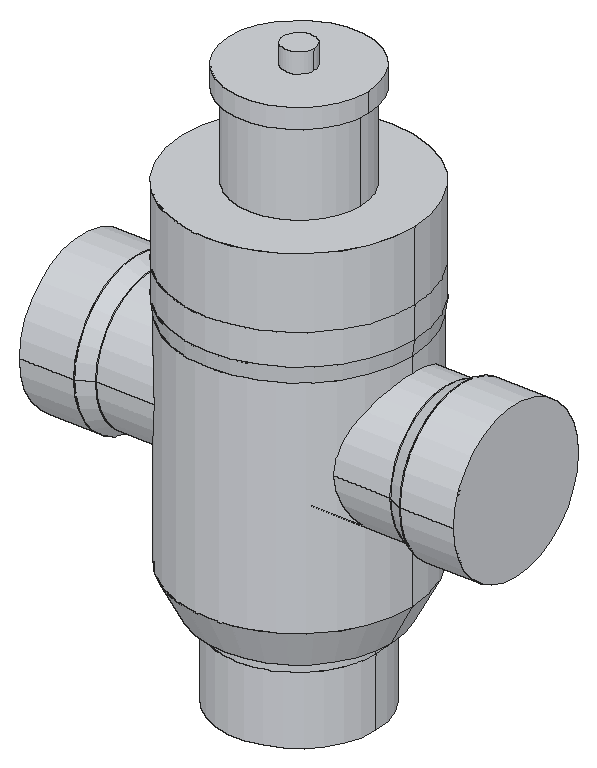
Revit family "VMX21P_DN20_PN16_RFA_2018", category Pipe Accessories, Revit 2018
Family settings
  Round Connector Dimension = Use Diameter
  Part Type = Valve - Breaks Into
  Work Plane-Based = No
  Always vertical = Yes
  Cut with Voids When Loaded = No
  Shared = No
Parameters (values of type "VMX21P G3/4  PN16 kvs2,5")
  magiProductId = ""
  magiProductFamilyId = ""
  magiPartTypeId = 320
  isMeasuringValve [instance] = no
  ang2D [instance] = 0.00°
  Z9 = 8.8 mm
  Z8 = 4 mm
  Z7__ve = -Z7  # -2.5 mm
  Z7 = 2.5 mm
  Z6 = 8.45 mm
  Z5 = 9.1 mm
  Z3 = 2 mm
  Z2 = 6.8 mm
  Z1 = 5.1 mm
  X4__ve = -X4  # -7 mm
  X4 = 7 mm
  X3 = 38 mm
  X1 = 5.6 mm
  W2D = 20 mm
  VersionID = ""
  Use Minimum Symbol Size [instance] = no
  URL = "www.hydronix.cz"
  Type Comments = "Závitový, vnější závit, ploché těsnění; LIN charakteristika; PN16; +5~+95°C; max.rychlost proudění 3,0 m/s"
  TL = 56 mm
  R9 = 9 mm
  R8 = 2 mm
  R7 = 15 mm
  R6 = 12 mm
  R5 = 11.29 mm
  R4 = 9.408 mm
  R3 = 10 mm
  R2 = 14.7 mm
  R10 = 8 mm
  R1 = 9 mm
  QmdConnectorList = "301;D;302;D;303;D"
  Productdata [instance] = ""
  Manufacturer = "Hydronix"
  MT = 1
  MC Product Code = "VMX21P (G3/4\"; dpmax=150kPa; kvs 2,5)"
  MC = yes
  LT2 = 21 mm
  L2D_Min = 30.48 mm
  L2D = 42 mm
  L = 42 mm
  H1 = 29 mm
  H = 26 mm
  E = 16 mm
  Description = "3 cestný regulační ventil malých spotřebičů, DN20; zdvih 2,5mm; max dp 150kPa; kvs2,5"
  DT2 = 10 mm
  D = 20 mm
  CS = no
  CAT0 = yes
  CAT = no
  C = 34 mm
  Assembly Code = ""
Types (8, lengths in mm): name | Z9 | Z6 | Z5 | Z2 | Z1 | X3 | X1 | W2D | TL | R6 | R5 | R4 | R3 | R2 | R1 | MC Product Code | LT2 | L2D | L | H1 | H | Description | DT2 | D | C
  VMX09P G1/2  PN16 kvs0,25 | 7 | 8.775 | 9.45 | 5 | 3.75 | 34 | 5.2 | 15 | 52 | 9 | 10.214 | 8.512 | 7.5 | 13.3 | 6.75 | "VMX09P (G1/2\"; dpmax=250kPa; kvs 0,25)" | 19 | 38 | 38 | 23.8 | 27 | "3 cestný regulační ventil malých spotřebičů, DN15; zdvih 2,5mm; max dp 250kPa; kvs0,25" | 7.5 | 15 | 25
  VMX10P G1/2  PN16 kvs0,4 | 7 | 8.775 | 9.45 | 5 | 3.75 | 34 | 5.2 | 15 | 52 | 9 | 10.214 | 8.512 | 7.5 | 13.3 | 6.75 | "VMX10P (G1/2\"; dpmax=250kPa; kvs 0,4)" | 19 | 38 | 38 | 23.8 | 27 | "3 cestný regulační ventil malých spotřebičů, DN15; zdvih 2,5mm; max dp 250kPa; kvs0,4" | 7.5 | 15 | 25
  VMX11P G1/2  PN16 kvs0,6 | 7 | 8.775 | 9.45 | 5 | 3.75 | 34 | 5.2 | 15 | 52 | 9 | 10.214 | 8.512 | 7.5 | 13.3 | 6.75 | "VMX11P (G1/2\"; dpmax=250kPa; kvs 0,6)" | 19 | 38 | 38 | 23.8 | 27 | "3 cestný regulační ventil malých spotřebičů, DN15; zdvih 2,5mm; max dp 250kPa; kvs0,6" | 7.5 | 15 | 25
  VMX12P G1/2  PN16 kvs1,0 | 7 | 8.775 | 9.45 | 5 | 3.75 | 34 | 5.2 | 15 | 52 | 9 | 10.214 | 8.512 | 7.5 | 13.3 | 6.75 | "VMX12P (G1/2\"; dpmax=250kPa; kvs 1,0)" | 19 | 38 | 38 | 23.8 | 27 | "3 cestný regulační ventil malých spotřebičů, DN15; zdvih 2,5mm; max dp 250kPa; kvs1,0" | 7.5 | 15 | 25
  VMX13P G1/2  PN16 kvs1,6 | 7 | 8.775 | 9.45 | 5 | 3.75 | 34 | 5.2 | 15 | 52 | 9 | 10.214 | 8.512 | 7.5 | 13.3 | 6.75 | "VMX13P (G1/2\"; dpmax=250kPa; kvs 1,6)" | 19 | 38 | 38 | 23.8 | 27 | "3 cestný regulační ventil malých spotřebičů, DN15; zdvih 2,5mm; max dp 250kPa; kvs1,6" | 7.5 | 15 | 25
  VMX21P G3/4  PN16 kvs2,5 | 8.8 | 8.45 | 9.1 | 6.8 | 5.1 | 38 | 5.6 | 20 | 56 | 12 | 11.29 | 9.408 | 10 | 14.7 | 9 | "VMX21P (G3/4\"; dpmax=150kPa; kvs 2,5)" | 21 | 42 | 42 | 29 | 26 | "3 cestný regulační ventil malých spotřebičů, DN20; zdvih 2,5mm; max dp 150kPa; kvs2,5" | 10 | 20 | 34
  VMX24P G3/4  PN16 kvs4,0 | 8.8 | 8.45 | 9.1 | 6.8 | 5.1 | 38 | 5.6 | 20 | 56 | 12 | 11.29 | 9.408 | 10 | 14.7 | 9 | "VMX24P (G3/4\";  dpmax A-AB=100kPa;  dpmax B-AB=40kPa;  kvs 4,0)" | 21 | 42 | 42 | 29 | 26 | "3 cestný regulační ventil malých spotřebičů, DN20; zdvih 2,5mm; max dp A-AB 100kPa; max dp B-AB 40kPa; kvs4,0" | 10 | 20 | 34
  VMX26P G3/4  PN16 kvs6,0 | 8.8 | 8.45 | 9.1 | 6.8 | 5.1 | 38 | 5.6 | 20 | 56 | 12 | 11.29 | 9.408 | 10 | 14.7 | 9 | "VMX26P (G3/4\";  dpmax A-AB=100kPa;  dpmax B-AB=40kPa;  kvs 6,0)" | 21 | 42 | 42 | 29 | 26 | "3 cestný regulační ventil malých spotřebičů, DN20; zdvih 2,5mm; max dp A-AB 100kPa; max dp B-AB 40kPa; kvs6,0" | 10 | 20 | 34
Reference planes
  plane 1 "Center (Front/Back)": y = 0
  plane 2 "XYPLANE": z = 0
  plane 3 "Center (Left/Right)": x = 0
  plane 4 "271": z = 37
  plane 5 "254": z = 10.9
  plane 6 "253": z = 16.9
  plane 7 "148": z = 39.5
  plane 8 "132": z = 42
  plane 9 "62": z = 12.9
  plane 10 "53": z = 26
  plane 11 "52": z = -18.1
  plane 12 "48": z = -23.2
  plane 13 "47": z = -25.2
  plane 14 "38": z = -32
  plane 15 "37": x = 19
  plane 16 "36": x = 21
  plane 17 "23": z = -34
  plane 18 "19": x = -19
  plane 19 "15": x = -21
  plane 20 "6": x = 28
  plane 21 "5": x = -28
  plane 22 "3": z = 0
  plane 23 "2": y = 0
  plane 24 "1": x = 0
Forms (mm)
  Extrusion 1, solid
    sketch origin (-750, 0, -34) x (1, 0, 0) y (0, 1, 0)
      loop
        circle (750, 0) r 10
    from 0 to 8.8 <- "Z9"
  Extrusion 2, solid, visible <- "CAT0"
    sketch origin (-750, 0, 42) x (1, 0, 0) y (0, 1, 0)
      loop
        circle (750, 0) r 2
    from 0 to -2.5 <- "Z7__ve"
  Extrusion 3, solid, visible <- "CAT0"
    sketch origin (-750, 0, 37) x (1, 0, 0) y (0, 1, 0)
      loop
        circle (750, 0) r 8
    from 0 to -19
  Extrusion 4, solid, visible <- "CAT0"
    sketch origin (-19, -750, 0) x (0, 1, 0) y (0, 0, 1)
      loop
        circle (750, 0) r 9
    from 0 to 38 <- "X3"
  Extrusion 5, solid
    sketch origin (-750, 0, 12.9) x (1, 0, 0) y (0, 1, 0)
      loop
        circle (750, 0) r 15
    from 0 to 4 <- "Z8"
  Extrusion 6, solid
    sketch origin (-750, 0, 39.5) x (1, 0, 0) y (0, 1, 0)
      loop
        circle (750, 0) r 9
    from 0 to -2.5 <- "Z7__ve"
  Extrusion 7, solid
    sketch origin (-750, 0, 16.9) x (1, 0, 0) y (0, 1, 0)
      loop
        circle (750, 0) r 15
    from 0 to 9.1 <- "Z5"
  Blend 8, solid
    base sketch origin (-750, 0, 10.9) x (1, 0, 0) y (0, 1, 0)
      loop
        circle (750, 0) r 14.7
    top sketch origin (-750, 0, 10.9) x (1, 0, 0) y (0, 1, 0)
      loop
        circle (750, 0) r 15
    from 0 to 2
  Blend 9, solid
    base sketch origin (-750, 0, -18.1) x (1, 0, 0) y (0, 1, 0)
      loop
        circle (750, 0) r 14.7
    top sketch origin (-750, 0, -18.1) x (1, 0, 0) y (0, 1, 0)
      loop
        circle (750, 0) r 12
    from 0 to -5.1
  Extrusion 10, solid
    sketch origin (-750, 0, -25.2) x (1, 0, 0) y (0, 1, 0)
      loop
        circle (750, 0) r 10
    from 0 to 2 <- "Z3"
  Extrusion 11, solid
    sketch origin (28, -750, 0) x (0, 1, 0) y (0, 0, 1)
      loop
        circle (750, 0) r 10
    from 0 to -7 <- "X4__ve"
  Blend 12, solid
    base sketch origin (21, -750, 0) x (0, 1, 0) y (0, 0, 1)
      loop
        circle (750, 0) r 10
    top sketch origin (21, -750, 0) x (0, 1, 0) y (0, 0, 1)
      loop
        circle (750, 0) r 9
    from 0 to -2
  Extrusion 13, solid
    sketch origin (-750, 0, -18.1) x (1, 0, 0) y (0, 1, 0)
      loop
        circle (750, 0) r 14.7
    from 0 to 29 <- "H1"
  Blend 14, solid
    base sketch origin (-21, -750, 0) x (0, 1, 0) y (0, 0, 1)
      loop
        circle (750, 0) r 10
    top sketch origin (-21, -750, 0) x (0, 1, 0) y (0, 0, 1)
      loop
        circle (750, 0) r 9
    from 0 to 2
  Extrusion 15, solid
    sketch origin (-28, -750, 0) x (0, 1, 0) y (0, 0, 1)
      loop
        circle (750, 0) r 10
    from 0 to 7 <- "X4"
  Extrusion 16, solid, not visible
    sketch origin (-750, 0, -25.2) x (1, 0, 0) y (0, 1, 0)
      loop
        circle (750, 0) r 10
    from 0 to 10
  Extrusion 17, solid, not visible
    sketch origin (21, -750, 0) x (0, 1, 0) y (0, 0, 1)
      loop
        circle (750, 0) r 10
    from 0 to -10
  Extrusion 18, solid, not visible
    sketch origin (-21, -750, 0) x (0, 1, 0) y (0, 0, 1)
      loop
        circle (750, 0) r 10
    from 0 to 10
Lines and regions (mm)
  reference lines, not visible
    curve 1: circle (2, 2, 0) r 1 normal (0, 0, 1)
Dimensions and locks
  plane 1 "Center (Front/Back)" to curve 1 = 2 mm
  "Z7": plane 7 "148" to plane 4 "271"
  "Z3": plane 9 "62" to plane 5 "254"
  "Z5": plane 10 "53" to plane 6 "253"
  "Z7": plane 8 "132" to plane 7 "148"
  "E": plane 10 "53" to plane 8 "132"
  "Z8": plane 6 "253" to plane 9 "62"
  "H": plane 2 "XYPLANE" to plane 10 "53"
  "Z1": plane 12 "48" to plane 11 "52"
  "Z3": plane 13 "47" to plane 12 "48"
  "Z2": plane 14 "38" to plane 13 "47"
  "Z3": plane 17 "23" to plane 14 "38"
  locked: plane 16 "36" to plane 15 "37" at 2
  "LT2": plane 3 "Center (Left/Right)" to plane 16 "36"
  "C": plane 2 "XYPLANE" to plane 17 "23"
  locked: plane 19 "15" to plane 18 "19" at 2
  "LT2": plane 3 "Center (Left/Right)" to plane 19 "15"
  "X4": plane 16 "36" to plane 20 "6"
  "X4": plane 19 "15" to plane 21 "5"
  locked: plane 2 "XYPLANE" to plane 22 "3"
  locked: plane 1 "Center (Front/Back)" to plane 23 "2"
  locked: plane 3 "Center (Left/Right)" to plane 24 "1"
  "DT2": radius of Extrusion 1 sketch curve
  "R8": radius of Extrusion 2 sketch curve
  "R10": radius of Extrusion 3 sketch curve
  "R1": radius of Extrusion 4 sketch curve
  "R7": radius of Extrusion 5 sketch curve
  "R9": radius of Extrusion 6 sketch curve
  "R7": radius of Extrusion 7 sketch curve
  "R7": radius of Blend 8 sketch curve
  "R2": radius of Blend 8 sketch curve
  "R6": radius of Blend 9 sketch curve
  "R2": radius of Blend 9 sketch curve
  "DT2": radius of Extrusion 10 sketch curve
  "DT2": radius of Extrusion 11 sketch curve
  "R1": radius of Blend 12 sketch curve
  "DT2": radius of Blend 12 sketch curve
  "R2": radius of Extrusion 13 sketch curve
  "R1": radius of Blend 14 sketch curve
  "DT2": radius of Blend 14 sketch curve
  "DT2": radius of Extrusion 15 sketch curve
  aligned and locked: level to plane 2 "XYPLANE"
  aligned and locked: plane 23 "2" to Extrusion 1 sketch curve
  aligned and locked: plane 24 "1" to Extrusion 1 sketch curve
  aligned and locked: plane 23 "2" to Extrusion 2 sketch curve
  aligned and locked: plane 24 "1" to Extrusion 2 sketch curve
  aligned and locked: plane 23 "2" to Extrusion 3 sketch curve
  aligned and locked: plane 24 "1" to Extrusion 3 sketch curve
  aligned and locked: plane 22 "3" to Extrusion 4 sketch curve
  aligned and locked: Extrusion 4 sketch curve to plane 23 "2"
  aligned and locked: plane 23 "2" to Extrusion 5 sketch curve
  aligned and locked: plane 24 "1" to Extrusion 5 sketch curve
  aligned and locked: plane 23 "2" to Extrusion 6 sketch curve
  aligned and locked: plane 24 "1" to Extrusion 6 sketch curve
  aligned and locked: plane 23 "2" to Extrusion 7 sketch curve
  aligned and locked: plane 24 "1" to Extrusion 7 sketch curve
  aligned and locked: plane 23 "2" to Blend 8 sketch curve  (x2)
  aligned and locked: plane 24 "1" to Blend 8 sketch curve  (x2)
  aligned and locked: plane 9 "62" to Blend 8
  aligned and locked: plane 23 "2" to Blend 9 sketch curve  (x2)
  aligned and locked: plane 24 "1" to Blend 9 sketch curve  (x2)
  aligned and locked: Blend 9 to plane 12 "48"
  aligned and locked: plane 23 "2" to Extrusion 10 sketch curve
  aligned and locked: plane 24 "1" to Extrusion 10 sketch curve
  aligned and locked: plane 22 "3" to Extrusion 11 sketch curve
  aligned and locked: Extrusion 11 sketch curve to plane 23 "2"
  aligned and locked: plane 22 "3" to Blend 12 sketch curve  (x2)
  aligned and locked: Blend 12 sketch curve to plane 23 "2"  (x2)
  aligned and locked: Blend 12 to plane 15 "37"
  aligned and locked: plane 23 "2" to Extrusion 13 sketch curve
  aligned and locked: plane 24 "1" to Extrusion 13 sketch curve
  aligned and locked: plane 22 "3" to Blend 14 sketch curve  (x2)
  aligned and locked: Blend 14 sketch curve to plane 23 "2"  (x2)
  aligned and locked: plane 18 "19" to Blend 14
  aligned and locked: plane 22 "3" to Extrusion 15 sketch curve
  aligned and locked: Extrusion 15 sketch curve to plane 23 "2"
  aligned and locked: plane 23 "2" to Extrusion 16 sketch curve
  aligned and locked: plane 24 "1" to Extrusion 16 sketch curve
  aligned and locked: plane 22 "3" to Extrusion 17 sketch curve
  aligned and locked: Extrusion 17 sketch curve to plane 23 "2"
  aligned and locked: plane 22 "3" to Extrusion 18 sketch curve
  aligned and locked: Extrusion 18 sketch curve to plane 23 "2"
Automatic sketch dimensions
  plane 1 "Center (Front/Back)" to Extrusion 16 sketch curve = 10 mm
  plane 1 "Center (Front/Back)" to Extrusion 17 sketch curve = 10 mm
  plane 1 "Center (Front/Back)" to Extrusion 18 sketch curve = 10 mm
  plane 3 "Center (Left/Right)" to curve 1 = 2 mm
  radius of curve 1 = 1 mm
Connectors
  piping at (-21, 0, 0), diameter 20, driven by "D"
    settings: on Extrusion 18, index 1, connector inside diameter 609.6 mm, connector length 0 mm, flow factor 0, pipe flow 0.0 L/s, pressure drop 0.0 Pa, fitting loss kfactor 0, connector angle 0.00°, fixture units 0, engagement length 0 mm, angle of deflection 0.00°, flow configuration 0, flow direction 0, fitting loss method 0, system type 29, joint type 0, gender type 0, connector reference index -1, connector utility 0, adjustable connector yes, is connector primary yes, connector description ""
  piping at (21, 0, 0), diameter 20, driven by "D"
    settings: on Extrusion 17, index 2, connector inside diameter 609.6 mm, connector length 0 mm, flow factor 0, pipe flow 0.0 L/s, pressure drop 0.0 Pa, fitting loss kfactor 0, connector angle 0.00°, fixture units 0, engagement length 0 mm, angle of deflection 0.00°, flow configuration 0, flow direction 0, fitting loss method 0, system type 29, joint type 0, gender type 0, connector reference index -1, connector utility 0, adjustable connector yes, is connector primary no, connector description ""
  piping at (0, 0, -25.2), diameter 20, driven by "D"
    settings: on Extrusion 16, index 3, connector inside diameter 609.6 mm, connector length 0 mm, flow factor 0, pipe flow 0.0 L/s, pressure drop 0.0 Pa, fitting loss kfactor 0, connector angle 0.00°, fixture units 0, engagement length 0 mm, angle of deflection 0.00°, flow configuration 0, flow direction 0, fitting loss method 0, system type 29, joint type 0, gender type 0, connector reference index -1, connector utility 0, adjustable connector yes, is connector primary no, connector description ""
